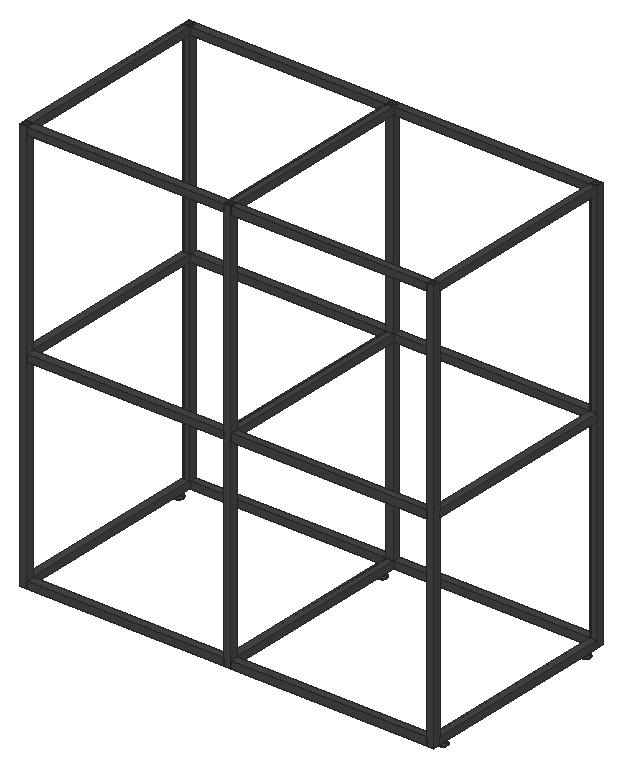
Revit family "DBLTD_TheSenatorGroup_OffcStrg_CrateDivide_InlineFrame", category Furniture, Revit 2018
Family settings
  Work Plane-Based = No
  Always vertical = Yes
  Cut with Voids When Loaded = No
  Shared = Yes
  Room Calculation Point = No
Parameters (values of type "2-High 2 Bay Unit")
  WarrantyStartDate [instance] = "1900-12-31T23:59:59"
  WarrantyGuarantorParts = "n/a"
  WarrantyGuarantorLabor = "n/a"
  WarrantyDurationUnit = "Years"
  WarrantyDurationParts = "n/a"
  WarrantyDurationLabor = "n/a"
  WarrantyDescription = "Allermuir will repair, or replace (at Allermuir’s sole discretion) with comparable free of charge materials/ components, any product/ component which fails under normal use in a single shift environment, as a result of a defect in the materials and/or workmanship. Exceptions - Non-standard product - 2 years Screen-mounted Accessories/ Dry-wipe Boards - 2 years Electrical and/or electronic componentry - 2 years. Exclusions - Allermuir does not warrant: Failure due to normal “Wear and Tear”. Natural variations in appearance of wood - its grain, figure and colour. Changes in surface appearance resulting from exposure to light, and the natural ageing process of wood. Changes in surface appearance resulting from the misuse of cleaning materials and methods/ damage form sharp objects/ imprinting from writing implements. Natural variations in Leather - its marks, scars and wrinkles. Product stored/ exposed to extreme operational conditions. Consumable components such as Fuses/ Lights/ lamps/ transformers/etc. Other Manufacturer’s product supplied by Allermuir (their own warranty shall apply where possible). Non-standard fabrics/ finishes or veneers used. Allermuir only checks the manufacturing quality of Customer’s Own Material (COM) and provides no warrant"
  Version = "2"  # constant formula
  Uniclass2015Version = "Products v1.9"
  Uniclass2015Title = "Office storage units"
  Uniclass2015Code = "Pr_40_30_78_57"
  URL = "https://www.thesenatorgroup.com/"
  Type Comments = "2-high 2 bay unit"
  TagNumber [instance] = "n/a"
  SustainabilityPerformance = "Contains up to 50.00% of Recycled Material"
  Style = "n/a"
  Size = "L 458mm x  W 900mm x  H 900mm"
  Shape = "Rectangular"
  SerialNumber [instance] = "n/a"
  Revision = "n/a"
  ReplacementCost = "n/a"
  ProductInformation = "https://www.thesenatorgroup.com/en/catalog/allermuir/tables-storage/crate-divide"
  OmniClassTitle = "Storage"
  OmniClassCode = "22-12 51 19"
  NominalWidth = 900 mm
  NominalLength = 900 mm
  NominalHeight = 900 mm
  NominalDepth = 458 mm
  Name = "OfficeStorage_CrateDivide_InlineFrame"
  NBSReference = "45-35-80/360"
  NBSDescription = "Office storage"
  NBSCertification = ""
  ModelReference = "2-high 2 bay unit"
  ModelNumber = "CRT2H2B"
  Model = "CRT2H2B"
  Material = "Tubular Steel"
  ManufacturerURL = "https://www.thesenatorgroup.com/"
  ManufacturerName = "The Senator Group"
  Manufacturer = "The Senator Group"
  MainColor = "n/a"
  Keynote = "Pr_40_30_78_57"
  Is2Bay = yes
  InstallationDate [instance] = "1900-12-31T23:59:59"
  IfcExportType = "STORAGE"  # constant formula
  IfcExportAs = "IfcFurnitureType"  # constant formula
  Grade = "n/a"
  FrameMaterial [instance] = TheSenatorGroup_Plastic_Black
  Finish = "Black powder coat as standard. Optional colours available White, Sage, Bronze and Aubergine"
  Features = "A cube based modular storage system with a prime function to to act as a room divider. Create spaces using the modular design of Crate. Pre-built components can be connected together in-line or at right angles to create different zones within existing spaces."
  ExpectedLife = "n/a"
  DurationUnit = "year"
  Description = "2-high 2 bay unit"
  Cost = 0
  Constituents = "Tubular Steel frame available in Optional White, Sage, Bronze and Aubergine powder coat"
  Color = "Defined by Finish Specifed"
  CodePerformance = "n/a"
  CentralFrame = not(Is2Bay)  # no
  Category = "Pr_40_30_78_57:Office storage units"
  BayHeight = DBLTD_TheSenatorGroup_OffcStrg_CrateDivide_LinkingBars_Nested : Bars to Link 2-High Bay Unit
  BarCode [instance] = "n/a"
  BIMObjectName = "TheSenatorGroup_OfficeStorage_CrateDivide_InlineFrame"
  Author = "Diane Butterworth Ltd"  # constant formula
  AssetType = "Movable"
  AssetIdentifier [instance] = "n/a"
  AccessibilityPerformance = "n/a"
Types (9, lengths in mm): name | Type Comments | Size | NominalWidth | NominalLength | NominalHeight | ModelReference | ModelNumber | Model | Is2Bay | Description | CentralFrame | BayHeight
  (no name) | "2-high 2 bay unit" | "L 458mm x  W 900mm x  H 900mm" | 900 | 900 | 900 | "2-high 2 bay unit" | "CRT2H2B" | "CRT2H2B" | yes | "2-high 2 bay unit" | no | DBLTD_TheSenatorGroup_OffcStrg_CrateDivide_LinkingBars_Nested : Bars to Link 2-High Bay Unit
  2-High 1 Bay Unit | "2-high 1 bay unit" | "L 458mm x  W 458mm x  H 900mm" | 458 | 458 | 900 | "2-high 1 bay unit" | "CRT2H1B" | "CRT2H1B" | no | "2-high 1 bay unit" | yes | DBLTD_TheSenatorGroup_OffcStrg_CrateDivide_LinkingBars_Nested : Bars to Link 2-High Bay Unit
  2-High 2 Bay Unit | "2-high 2 bay unit" | "L 458mm x  W 900mm x  H 900mm" | 900 | 900 | 900 | "2-high 2 bay unit" | "CRT2H2B" | "CRT2H2B" | yes | "2-high 2 bay unit" | no | DBLTD_TheSenatorGroup_OffcStrg_CrateDivide_LinkingBars_Nested : Bars to Link 2-High Bay Unit
  3-High 2 Bay Unit | "3-high 2 bay unit" | "L 458mm x  W 900mm x  H 1348mm" | 900 | 900 | 1348 | "3-high 2 bay unit" | "CRT3H2B" | "CRT3H2B" | yes | "3-high 2 bay unit" | no | DBLTD_TheSenatorGroup_OffcStrg_CrateDivide_LinkingBars_Nested : Bars to Link 3-High Bay Unit
  3-High 1 Bay Unit | "3-high 1 bay unit" | "L 458mm x  W 458mm x  H 1348mm" | 458 | 458 | 1348 | "3-high 1 bay unit" | "CRT3H1B" | "CRT3H1B" | no | "3-high 1 bay unit" | yes | DBLTD_TheSenatorGroup_OffcStrg_CrateDivide_LinkingBars_Nested : Bars to Link 3-High Bay Unit
  4-High 1 Bay Unit | "4-high 1 bay unit" | "L 458mm x  W 458mm x  H 1790mm" | 458 | 458 | 1790 | "4-high 1 bay unit" | "CRT4H1B" | "CRT4H1B" | no | "4-high 1 bay unit" | yes | DBLTD_TheSenatorGroup_OffcStrg_CrateDivide_LinkingBars_Nested : Bars to Link 4-High Bay Unit
  4-High 2 Bay Unit | "4-high 2 bay unit" | "L 458mm x  W 900mm x  H 1790mm" | 900 | 900 | 1790 | "4-high 2 bay unit" | "CRT4H2B" | "CRT4H2B" | yes | "4-high 2 bay unit" | no | DBLTD_TheSenatorGroup_OffcStrg_CrateDivide_LinkingBars_Nested : Bars to Link 4-High Bay Unit
  5-High 1 Bay Unit | "5-high 1 bay unit" | "L 458mm x  W 458mm x  H 2232mm" | 458 | 458 | 2232 | "5-high 1 bay unit" | "CRT5H1B" | "CRT5H1B" | no | "5-high 1 bay unit" | yes | DBLTD_TheSenatorGroup_OffcStrg_CrateDivide_LinkingBars_Nested : Bars to Link 5-High Bay Unit
  5-High 2 Bay Unit | "5-high 2 bay unit" | "L 458mm x  W 900mm x  H 2232mm" | 900 | 900 | 2232 | "5-high 2 bay unit" | "CRT5H2B" | "CRT5H2B" | yes | "5-high 2 bay unit" | no | DBLTD_TheSenatorGroup_OffcStrg_CrateDivide_LinkingBars_Nested : Bars to Link 5-High Bay Unit
Reference planes
  plane 1 "Back": y = 0
  plane 2: z = 0
  plane 3 "Center (Left/Right)": x = 0
  plane 4 "Front": y = -458
  plane 5 "Left": x = -450
  plane 6 "Right": x = 450
  plane 7 "Top": z = 900
  plane 8: y = -229
Dimensions and locks
  "NominalDepth": plane 4 "Front" to plane 1 "Back"
  equal spacing: plane 5 "Left", plane 3 "Center (Left/Right)", plane 6 "Right"
  "NominalLength": plane 5 "Left" to plane 6 "Right"
  "NominalHeight": plane 7 "Top" to level
  equal spacing: plane 4 "Front", plane 8, plane 1 "Back"
  aligned and locked: level to plane 2
  aligned and locked: plane 5 "Left" to nested 1
  aligned and locked: plane 6 "Right" to nested 2
Nested families
  nested 1: "DBLTD_TheSenatorGroup_OffcStrg_CrateDivide_LinkingBars_Nested" at (-221, 0, 0), FrameMaterial <- "FrameMaterial", type <- "BayHeight", type "Bars to Link 2-High Bay Unit"
    with FrameMaterial TheSenatorGroup_Plastic_Black
  nested 2: "DBLTD_TheSenatorGroup_OffcStrg_CrateDivide_LinkingBars_Nested" at (221, 0, 0), FrameMaterial <- "FrameMaterial", visible <- "Is2Bay", Is2Bay <- "CentralFrame", type <- "BayHeight", type "Bars to Link 2-High Bay Unit"
    with Is2Bay no, FrameMaterial TheSenatorGroup_Plastic_Black
Definition of nested family "DBLTD_TheSenatorGroup_OffcStrg_CrateDivide_LinkingBars_Nested"
  Parameters (values of type "Bars to Link 2-High Bay Unit")
    URL = "https://www.thesenatorgroup.com/"
    Type Comments = ""
    Model = ""
    Manufacturer = "The Senator Group"
    Keynote = ""
    Is2Bay [instance] = yes
    FrameNumber = 2
    FrameMaterial [instance] = none
    FrameHeight = 899.93 mm
    Description = ""
    Cost = 0
  Types (4, lengths in mm): name | FrameNumber | FrameHeight
    Bars to Link 2-High Bay Unit | 2 | 899.93
    Bars to Link 3-High Bay Unit | 3 | 1342
    Bars to Link 4-High Bay Unit | 4 | 1784
    Bars to Link 5-High Bay Unit | 5 | 2226
  Reference planes
    plane 1 "Back": y = 0
    plane 2: z = 0
    plane 3 "Center (Left/Right)": x = 0
    plane 4 "Front": y = -458
    plane 5 "Left": x = -229
    plane 6 "Right": x = 229
    plane 7: y = -229
  Forms (mm)
    Extrusion 1, solid, material <- "FrameMaterial"
      sketch origin (0, 0, 0) x (0, 1, 0) y (0, 0, 1)
        loop
          line (-442.12, 25.88) -> (-458, 25.88) -> (-458, 10) -> (-442.12, 10) -> (-442.12, 25.88)
        loop
          line (0, 25.88) -> (-16, 25.88) -> (-16, 10) -> (0, 10) -> (0, 25.88)
        loop
          line (-2, 23.88) -> (-14, 23.88) -> (-14, 12) -> (-2, 12) -> (-2, 23.88)
        loop
          line (-444.12, 23.88) -> (-456, 23.88) -> (-456, 12) -> (-444.12, 12) -> (-444.12, 23.88)
      from -213.06 to 213.06
    Extrusion 2, solid, material <- "FrameMaterial"
      sketch origin (0, 0, 442.05) x (0, 1, 0) y (0, 0, 1)
        loop
          line (-442.12, 25.88) -> (-458, 25.88) -> (-458, 10) -> (-442.12, 10) -> (-442.12, 25.88)
        loop
          line (0, 25.88) -> (-16, 25.88) -> (-16, 10) -> (0, 10) -> (0, 25.88)
        loop
          line (-2, 23.88) -> (-14, 23.88) -> (-14, 12) -> (-2, 12) -> (-2, 23.88)
        loop
          line (-444.12, 23.88) -> (-456, 23.88) -> (-456, 12) -> (-444.12, 12) -> (-444.12, 23.88)
      from -213.06 to 213.06
    Extrusion 3, solid, material <- "FrameMaterial"
      sketch origin (0, 0, 884.05) x (0, 1, 0) y (0, 0, 1)
        loop
          line (-442.12, 25.88) -> (-458, 25.88) -> (-458, 10) -> (-442.12, 10) -> (-442.12, 25.88)
        loop
          line (0, 25.88) -> (-16, 25.88) -> (-16, 10) -> (0, 10) -> (0, 25.88)
        loop
          line (-2, 23.88) -> (-14, 23.88) -> (-14, 12) -> (-2, 12) -> (-2, 23.88)
        loop
          line (-444.12, 23.88) -> (-456, 23.88) -> (-456, 12) -> (-444.12, 12) -> (-444.12, 23.88)
      from -213.06 to 213.06
    Extrusion 4, solid, material <- "FrameMaterial", visible <- "Is2Bay"
      sketch origin (0, 0, 10) x (-1, 0, 0) y (0, -1, 0)
        loop
          line (229, 0) -> (229, 16) -> (213.06, 16) -> (213.06, 0) -> (229, 0)
        loop
          line (213.06, 442.12) -> (229, 442.12) -> (229, 458) -> (213.06, 458) -> (213.06, 442.12)
        loop
          line (227, 2) -> (227, 14) -> (215.06, 14) -> (215.06, 2) -> (227, 2)
        loop
          line (227, 444.12) -> (227, 456.12) -> (215.06, 456.12) -> (215.06, 444.12) -> (227, 444.12)
      from 0 to 899.93 <- "FrameHeight"
    Extrusion 5, solid, material <- "FrameMaterial"
      sketch origin (0, 0, 10) x (1, 0, 0) y (0, 1, 0)
        loop
          line (229, 0) -> (213.06, 0) -> (213.06, -16) -> (229, -16) -> (229, 0)
        loop
          line (213.06, -442.12) -> (213.06, -458) -> (229, -458) -> (229, -442.12) -> (213.06, -442.12)
        loop
          line (227, -2) -> (215.06, -2) -> (215.06, -14) -> (227, -14) -> (227, -2)
        loop
          line (227, -444.12) -> (215.06, -444.12) -> (215.06, -456.12) -> (227, -456.12) -> (227, -444.12)
      from 0 to 899.93 <- "FrameHeight"
    Extrusion 6, solid, material <- "FrameMaterial"
      sketch origin (-229, -229.06, 0) x (-1, 0, 0) y (0, 0, 1)
        loop
          line (-442.06, 25.88) -> (-458, 25.88) -> (-458, 10) -> (-442.06, 10) -> (-442.06, 25.88)
        loop
          line (-444.06, 23.88) -> (-456, 23.88) -> (-456, 12) -> (-444.06, 12) -> (-444.06, 23.88)
      from -213.06 to 213.06
    Extrusion 7, solid, material <- "FrameMaterial", visible <- "Is2Bay"
      sketch origin (-671.06, -229.06, 0) x (-1, 0, 0) y (0, 0, 1)
        loop
          line (-442.06, 25.88) -> (-458, 25.88) -> (-458, 10) -> (-442.06, 10) -> (-442.06, 25.88)
        loop
          line (-444.06, 23.88) -> (-456, 23.88) -> (-456, 12) -> (-444.06, 12) -> (-444.06, 23.88)
      from -213.06 to 213.06
    Extrusion 8, solid, material <- "FrameMaterial", not visible
      sketch origin (-229, -229.06, -10) x (-1, 0, 0) y (0, 0, 1)
        loop
          line (-442.06, 25.88) -> (-458, 25.88) -> (-458, 10) -> (-442.06, 10) -> (-442.06, 25.88)
        loop
          line (-444.06, 23.88) -> (-456, 23.88) -> (-456, 12) -> (-444.06, 12) -> (-444.06, 23.88)
      from -213.06 to 213.06
    Extrusion 9, solid, material <- "FrameMaterial", visible <- "Is2Bay", not visible
      sketch origin (-671.06, -229.06, -10) x (-1, 0, 0) y (0, 0, 1)
        loop
          line (-442.06, 25.88) -> (-458, 25.88) -> (-458, 10) -> (-442.06, 10) -> (-442.06, 25.88)
        loop
          line (-444.06, 23.88) -> (-456, 23.88) -> (-456, 12) -> (-444.06, 12) -> (-444.06, 23.88)
      from -213.06 to 213.06
    Extrusion 10, solid, material <- "FrameMaterial"
      sketch origin (-229, -229.06, 442.05) x (-1, 0, 0) y (0, 0, 1)
        loop
          line (-442.06, 25.88) -> (-458, 25.88) -> (-458, 10) -> (-442.06, 10) -> (-442.06, 25.88)
        loop
          line (-444.06, 23.88) -> (-456, 23.88) -> (-456, 12) -> (-444.06, 12) -> (-444.06, 23.88)
      from -213.06 to 213.06
    Extrusion 11, solid, material <- "FrameMaterial", visible <- "Is2Bay"
      sketch origin (-671.06, -229.06, 442.05) x (-1, 0, 0) y (0, 0, 1)
        loop
          line (-442.06, 25.88) -> (-458, 25.88) -> (-458, 10) -> (-442.06, 10) -> (-442.06, 25.88)
        loop
          line (-444.06, 23.88) -> (-456, 23.88) -> (-456, 12) -> (-444.06, 12) -> (-444.06, 23.88)
      from -213.06 to 213.06
    Extrusion 12, solid, material <- "FrameMaterial"
      sketch origin (-229, -229.06, 884.05) x (-1, 0, 0) y (0, 0, 1)
        loop
          line (-442.06, 25.88) -> (-458, 25.88) -> (-458, 10) -> (-442.06, 10) -> (-442.06, 25.88)
        loop
          line (-444.06, 23.88) -> (-456, 23.88) -> (-456, 12) -> (-444.06, 12) -> (-444.06, 23.88)
      from -213.06 to 213.06
    Extrusion 13, solid, material <- "FrameMaterial", visible <- "Is2Bay"
      sketch origin (-671.06, -229.06, 884.05) x (-1, 0, 0) y (0, 0, 1)
        loop
          line (-442.06, 25.88) -> (-458, 25.88) -> (-458, 10) -> (-442.06, 10) -> (-442.06, 25.88)
        loop
          line (-444.06, 23.88) -> (-456, 23.88) -> (-456, 12) -> (-444.06, 12) -> (-444.06, 23.88)
      from -213.06 to 213.06
    Revolve 14, solid, visible <- "Is2Bay"
      sketch origin (0, -35, 0) x (1, 0, 0) y (0, 0, 1)
        loop
          line (-221.03, 10) -> (-224.53, 10) -> (-224.53, 3.867) -> (-227.78, 3.867)
          arc (-227.78, 3.867) -> (-229.194, 3.282) -> (-229.78, 1.867) r 2
          line (-229.78, 1.867) -> (-229.78, 0) -> (-221.03, 0) -> (-221.03, 10)
        axis (-221.03, 0) -> (-221.03, 10)
      angle from 0 to 360
    Revolve 15, solid, visible <- "Is2Bay"
      sketch origin (0, -423.12, 0) x (1, 0, 0) y (0, 0, -1)
        loop
          line (-221.03, -10) -> (-221.03, 0) -> (-229.78, 0) -> (-229.78, -1.867)
          arc (-229.78, -1.867) -> (-229.194, -3.282) -> (-227.78, -3.867) r 2
          line (-227.78, -3.867) -> (-224.53, -3.867) -> (-224.53, -10) -> (-221.03, -10)
        axis (-221.03, 0) -> (-221.03, -10)
      angle from 0 to 360
    Revolve 16, solid
      sketch origin (0, -35, 0) x (-1, 0, 0) y (0, 0, -1)
        loop
          line (-221.03, -10) -> (-221.03, 0) -> (-229.78, 0) -> (-229.78, -1.867)
          arc (-229.78, -1.867) -> (-229.194, -3.282) -> (-227.78, -3.867) r 2
          line (-227.78, -3.867) -> (-224.53, -3.867) -> (-224.53, -10) -> (-221.03, -10)
        axis (-221.03, 0) -> (-221.03, -10)
      angle from 0 to 360
    Revolve 17, solid
      sketch origin (0, -423.12, 0) x (-1, 0, 0) y (0, 0, 1)
        loop
          line (-221.03, 10) -> (-224.53, 10) -> (-224.53, 3.867) -> (-227.78, 3.867)
          arc (-227.78, 3.867) -> (-229.194, 3.282) -> (-229.78, 1.867) r 2
          line (-229.78, 1.867) -> (-229.78, 0) -> (-221.03, 0) -> (-221.03, 10)
        axis (-221.03, 0) -> (-221.03, 10)
      angle from 0 to 360
  Dimensions and locks
    plane 4 "Front" to plane 1 "Back" = 458 mm
    equal spacing: plane 5 "Left", plane 3 "Center (Left/Right)", plane 6 "Right"
    plane 5 "Left" to plane 6 "Right" = 458 mm
    equal spacing: plane 4 "Front", plane 7, plane 1 "Back"
    Extrusion 2 to level = 467.93 mm
    group 2 to group 3 = 0 mm  (x2)
    group 2 to group 3 = 442 mm
    group 6 to group 7 = 0 mm  (x2)
    group 6 to group 7 = 442 mm
    aligned and locked: level to plane 2
  Automatic sketch dimensions
    Extrusion 1 sketch curve to Extrusion 1 sketch curve = 15.88 mm  (x3)
    Extrusion 1 sketch curve to Extrusion 1 sketch curve = 2 mm  (x8)
    Extrusion 1 sketch curve to Extrusion 1 sketch curve = 426.12 mm
    Extrusion 1 sketch curve to Extrusion 1 sketch curve = 12 mm
    Extrusion 1 sketch curve to Extrusion 1 sketch curve = 0 mm
    Extrusion 2 sketch curve to Extrusion 2 sketch curve = 15.88 mm  (x3)
    Extrusion 2 sketch curve to Extrusion 2 sketch curve = 2 mm  (x8)
    Extrusion 2 sketch curve to Extrusion 2 sketch curve = 426.12 mm
    Extrusion 2 sketch curve to Extrusion 2 sketch curve = 12 mm
    Extrusion 2 sketch curve to Extrusion 2 sketch curve = 0 mm
    Extrusion 3 sketch curve to Extrusion 3 sketch curve = 15.88 mm  (x3)
    Extrusion 3 sketch curve to Extrusion 3 sketch curve = 2 mm  (x8)
    Extrusion 3 sketch curve to Extrusion 3 sketch curve = 426.12 mm
    Extrusion 3 sketch curve to Extrusion 3 sketch curve = 12 mm
    Extrusion 3 sketch curve to Extrusion 3 sketch curve = 0 mm
    Extrusion 6 sketch curve to Extrusion 6 sketch curve = 11.94 mm
    Extrusion 6 sketch curve to Extrusion 6 sketch curve = 2 mm  (x4)
    Extrusion 6 sketch curve to Extrusion 6 sketch curve = 11.88 mm
    Extrusion 7 sketch curve to Extrusion 7 sketch curve = 11.94 mm
    Extrusion 7 sketch curve to Extrusion 7 sketch curve = 2 mm  (x4)
    Extrusion 7 sketch curve to Extrusion 7 sketch curve = 11.88 mm
    Extrusion 8 sketch curve to Extrusion 8 sketch curve = 11.94 mm
    Extrusion 8 sketch curve to Extrusion 8 sketch curve = 2 mm  (x4)
    Extrusion 8 sketch curve to Extrusion 8 sketch curve = 11.88 mm
    Extrusion 9 sketch curve to Extrusion 9 sketch curve = 11.94 mm
    Extrusion 9 sketch curve to Extrusion 9 sketch curve = 2 mm  (x4)
    Extrusion 9 sketch curve to Extrusion 9 sketch curve = 11.88 mm
    Extrusion 10 sketch curve to Extrusion 10 sketch curve = 11.94 mm
    Extrusion 10 sketch curve to Extrusion 10 sketch curve = 2 mm  (x4)
    Extrusion 10 sketch curve to Extrusion 10 sketch curve = 11.88 mm
    Extrusion 11 sketch curve to Extrusion 11 sketch curve = 11.94 mm
    Extrusion 11 sketch curve to Extrusion 11 sketch curve = 2 mm  (x4)
    Extrusion 11 sketch curve to Extrusion 11 sketch curve = 11.88 mm
    Extrusion 12 sketch curve to Extrusion 12 sketch curve = 11.94 mm
    Extrusion 12 sketch curve to Extrusion 12 sketch curve = 2 mm  (x4)
    Extrusion 12 sketch curve to Extrusion 12 sketch curve = 11.88 mm
    Extrusion 13 sketch curve to Extrusion 13 sketch curve = 11.94 mm
    Extrusion 13 sketch curve to Extrusion 13 sketch curve = 2 mm  (x4)
    Extrusion 13 sketch curve to Extrusion 13 sketch curve = 11.88 mm
    plane 1 "Back" to Extrusion 4 sketch curve = 0 mm
    Extrusion 4 sketch curve to plane 4 "Front" = 0 mm
    Extrusion 4 sketch curve to plane 5 "Left" = 0 mm  (x2)
    plane 5 "Left" to Extrusion 4 sketch curve = 2 mm  (x2)
    plane 1 "Back" to Extrusion 4 sketch curve = 2 mm
    Extrusion 4 sketch curve to Extrusion 4 sketch curve = 11.94 mm  (x2)
    Extrusion 4 sketch curve to Extrusion 4 sketch curve = 2 mm  (x4)
    Extrusion 4 sketch curve to Extrusion 4 sketch curve = 12 mm
    plane 4 "Front" to Extrusion 4 sketch curve = 15.88 mm
    plane 4 "Front" to Extrusion 4 sketch curve = 1.88 mm
    plane 1 "Back" to Extrusion 5 sketch curve = 0 mm
    Extrusion 5 sketch curve to plane 4 "Front" = 0 mm
    Extrusion 5 sketch curve to plane 6 "Right" = 0 mm  (x2)
    Extrusion 5 sketch curve to plane 6 "Right" = 2 mm  (x2)
    plane 1 "Back" to Extrusion 5 sketch curve = 2 mm
    Extrusion 5 sketch curve to Extrusion 5 sketch curve = 11.94 mm  (x2)
    Extrusion 5 sketch curve to Extrusion 5 sketch curve = 2 mm  (x4)
    plane 4 "Front" to Extrusion 5 sketch curve = 1.88 mm
    Extrusion 5 sketch curve to Extrusion 5 sketch curve = 12 mm
    Extrusion 5 sketch curve to Extrusion 5 sketch curve = 14 mm
    Revolve 14 sketch curve to level = 0 mm
    Revolve 14 sketch curve to plane 5 "Left" = 0.78 mm
    plane 5 "Left" to Revolve 14 sketch curve = 1.22 mm
    plane 5 "Left" to Revolve 14 sketch curve = 4.47 mm
    Revolve 14 sketch curve to Revolve 14 sketch curve = 3.5 mm  (x2)
    level to Revolve 14 sketch curve = 1.867 mm
    Revolve 14 sketch curve to Revolve 14 sketch curve = 6.133 mm
    Revolve 14 sketch curve to Revolve 14 sketch curve = 0 mm
    Revolve 14 sketch curve to Revolve 14 sketch curve = 5.73 mm
    Revolve 15 sketch curve to level = 0 mm
    Revolve 15 sketch curve to plane 5 "Left" = 0.78 mm
    plane 5 "Left" to Revolve 15 sketch curve = 1.22 mm
    plane 5 "Left" to Revolve 15 sketch curve = 4.47 mm
    Revolve 15 sketch curve to Revolve 15 sketch curve = 3.5 mm  (x2)
    level to Revolve 15 sketch curve = 1.867 mm
    Revolve 15 sketch curve to Revolve 15 sketch curve = 6.133 mm
    Revolve 15 sketch curve to Revolve 15 sketch curve = 0 mm
    Revolve 15 sketch curve to Revolve 15 sketch curve = 5.73 mm
    Revolve 16 sketch curve to level = 0 mm
    plane 6 "Right" to Revolve 16 sketch curve = 0.78 mm
    Revolve 16 sketch curve to plane 6 "Right" = 1.22 mm
    Revolve 16 sketch curve to plane 6 "Right" = 4.47 mm
    Revolve 16 sketch curve to Revolve 16 sketch curve = 3.5 mm  (x2)
    level to Revolve 16 sketch curve = 1.867 mm
    Revolve 16 sketch curve to Revolve 16 sketch curve = 6.133 mm
    Revolve 16 sketch curve to Revolve 16 sketch curve = 0 mm
    Revolve 16 sketch curve to Revolve 16 sketch curve = 5.73 mm
    Revolve 17 sketch curve to level = 0 mm
    plane 6 "Right" to Revolve 17 sketch curve = 0.78 mm
    Revolve 17 sketch curve to plane 6 "Right" = 1.22 mm
    Revolve 17 sketch curve to plane 6 "Right" = 4.47 mm
    Revolve 17 sketch curve to Revolve 17 sketch curve = 3.5 mm  (x2)
    level to Revolve 17 sketch curve = 1.867 mm
    Revolve 17 sketch curve to Revolve 17 sketch curve = 6.133 mm
    Revolve 17 sketch curve to Revolve 17 sketch curve = 0 mm
    Revolve 17 sketch curve to Revolve 17 sketch curve = 5.73 mm
